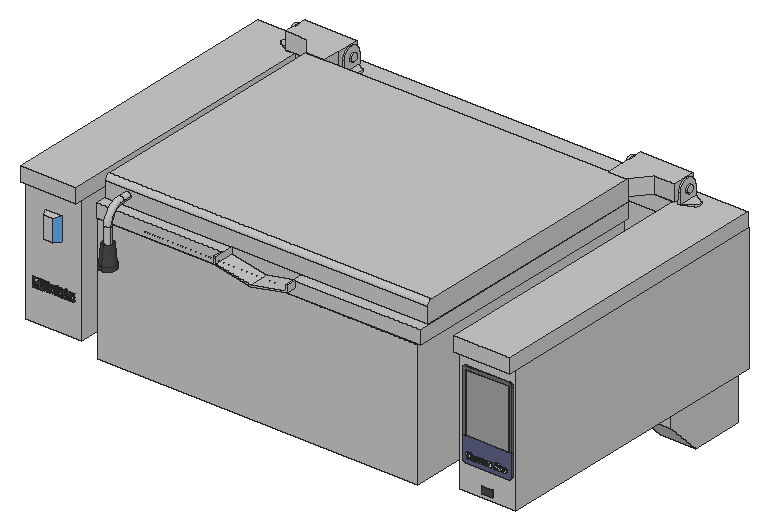
Revit family "QF_ELECTROLUXPROFESSIONAL_586285_PFET08EUEO", category Attrezzature speciali, Revit 2020
Family settings
  Quota connettore circolare = Usa diametro
  Tipo di parte = Normale
  Basato su piano di lavoro = No
  Sempre verticale = Sì
  Taglio con vuoti quando caricato = No
  Condiviso = No
  Punto di calcolo locali = No
Parameters (values of type "Standard")
  Weight = 240.00 kg
  Watts = 20600 W
  Volts = 400 V
  URL Manufacturer = "https://www.electroluxprofessional.com/"
  URL = "https://www.electroluxprofessional.com/"
  Steam Supply Size = 0 mm
  Steam Supply Minimum Pressure = 0.0 Pa
  Steam Supply Maximum Pressure = 0.0 Pa
  Steam Consumption per Hour = 0
  Refrigeration Suction Line Size = 0.0 mm
  Refrigeration Liquid Line Size = 0.0 mm
  Refrigerant Compressor Remote = yes
  Prospetto di default = 0.0 mm
  Produttore = "Electrolux Professional"
  Phase = 3
  Modello = "PFET08EUEO"
  Length Actual = 1400.0 mm  # constant formula
  Item Number = "586285"
  Hot Water Size = 12.7 mm
  Height Actual = 400.0 mm  # constant formula
  HP = "27.6 HP"
  Gas Size = 0 mm
  Gas KW = 0
  Gas Input Pressure = 0 W
  Direct Waste Size = 0 mm
  Descrizione = "ELECTRIC TILTING BRAISING PAN, 80L, COMPOUND, WALL,D850"
  Depth Actual = 850.0 mm  # constant formula
  Cycle = 50 Hz
  Condensate Return Size = 0 mm
  Compressed Air Volume = 0.0 L/s
  Compressed Air Size = 0 mm
  Compressed Air Pressure = 0.0 Pa
  Cold Water Size = 12.7 mm
  Accessory = yes
Reference planes
  plane 1 "Center (Front/Back)": y = 0
  plane 2: z = 0
  plane 3 "Center (Left/Right)": x = 0
  plane 4 "LEFT": x = -700
  plane 5 "RIGHT": x = 700
  plane 6 "BACK": y = 425
  plane 7 "FRONT": y = -425
  plane 8 "Base": z = 200
  plane 9 "TOP": z = 900
  plane 10: x = -540
  plane 11: x = 540
  plane 12 "Axe_PentolaY": y = -155
  plane 13 "AxePentolaZ": z = 730
  plane 14 "PLANE_TOP": z = 860
  plane 15: y = 355
  plane 16: z = 833
  plane 17: z = 502
  plane 18: z = 340
  plane 19: y = -477
  plane 20 "CentroPentolaY": y = -83
  plane 21 "TopCoperchio": z = 958
  plane 22 "Versamento": z = 910
  plane 23 "V1": through (-107.18, -558, 4000) normal (-0.7071, -0.7071, 0)
  plane 24 "V2": through (107.18, -558, 4000) normal (-0.7071, 0.7071, 0)
  plane 25 "Gfront": y = -1225
  plane 26 "LEVEL": through (-245.562, -289.383, 4000) normal (0.866, 0.5, 0)
  plane 27 "GRight": x = 250
  plane 28 "GLeft": x = -250
  plane 29 "Gback": y = -125
  plane 30: z = 1771
  plane 31 "Ribaltamento": y = -497
  plane 32 "AxeL": x = -620
  plane 33 "AxeR": x = 620
  plane 34 "Pentola_Back": y = 283
  plane 35 "Pentola_L": x = -457.5
  plane 36 "Pentola_R": x = 457.5
  plane 37: x = -397.5
  plane 38 "axeC1": x = -480
  plane 39 "axeC2": x = 480
Forms (mm)
  Revolve 1, solid, material "QF_Finishes_Stainless Steel"
    sketch origin (0, 0, 730) x (-1, 0, 0) y (0, -1, 0)
      loop
        line (540, 155) -> (-540, 155) -> (-540, 65) -> (-530, 65) -> (-530, 98) -> (530, 98) -> (530, 65) -> (540, 65) -> (540, 155)
      axis (540, 155) -> (-540, 155)
    angle from 0 to 360
  Extrusion 2, solid, material "QF_Finishes_Stainless Steel"
    sketch origin (0, 0, 860) x (-1, 0, 0) y (0, -1, 0)
      loop
        line (700, 425) -> (540, 425) -> (540, -355) -> (-540, -355) -> (-540, 425) -> (-700, 425) -> (-700, -425) -> (700, -425) -> (700, 425)
    from 0 to 40
  Extrusion 3, solid, material "QF_Finishes_Stainless Steel"
    sketch origin (0, 0, 860) x (-1, 0, 0) y (0, -1, 0)
      loop
        line (540, -355) -> (-540, -355) -> (-540, -425) -> (540, -425) -> (540, -355)
    from 0 to -360
  Extrusion 4, solid, material "QF_Finishes_Stainless Steel"
    sketch origin (-480, 0, 0) x (0, 1, 0) y (0, 0, 1)
      loop
        line (408.242, 900) -> (408.242, 931.379)
        arc (408.242, 931.379) -> (381.621, 958) -> (355, 931.379) r 26.621
        line (355, 931.379) -> (355, 900) -> (408.242, 900)
    from 75 to 82
  Extrusion 5, solid, material "QF_Finishes_Stainless Steel"
    sketch origin (-380, 0, 900) x (0, 1, 0) y (-1, 0, 0)
      loop
        line (359.36, 18) -> (370.936, -3.201)
        arc (370.936, -3.201) -> (381.621, -9.541) -> (392.305, -3.201) r 12.174
        line (392.305, -3.201) -> (403.882, 18) -> (359.36, 18)
      loop
        line (370.936, 211.185) -> (355, 182) -> (408.242, 182) -> (392.305, 211.185)
        arc (392.305, 211.185) -> (381.621, 217.525) -> (370.936, 211.185) r 12.174
    from 0 to 3
  Extrusion 6, solid, material "QF_Finishes_Stainless Steel"
    sketch origin (0, 0, 0) x (0, 1, 0) y (0, 0, 1)
      loop
        line (283, 860) -> (-451, 860) -> (-451, 502) -> (283, 502) -> (283, 860)
    from -457.5 to 457.5
  Extrusion 7, solid, material "QF_Finishes_Stainless Steel"
    sketch origin (0, 0, 0) x (0, 1, 0) y (0, 0, 1)
      loop
        line (289, 860) -> (289, 900) -> (-449.109, 900) -> (-449.109, 860) -> (289, 860)
    from -463.5 to 463.5
  Extrusion 8, void
    sketch origin (0, -425, 0) x (-1, 0, 0) y (0, 0, 1)
      loop
        line (-100, 900) -> (-100, 883.7) -> (0, 864.262) -> (100, 883.7) -> (100, 900) -> (-100, 900)
    from -29 to 5
  Extrusion 9, solid, material "QF_Finishes_Stainless Steel"
    sketch origin (0, 0, 0) x (0, 1, 0) y (0, 0, 1)
      loop
        line (294, 958) -> (-405, 958)
        arc (-405, 958) -> (-415.607, 953.607) -> (-420, 943) r 15
        line (-420, 943) -> (-420, 900) -> (294, 900) -> (294, 958)
    from -460 to 460
  Extrusion 10, solid, material "QF_Finishes_Stainless Steel"
    sketch origin (0, -425, 0) x (-1, 0, 0) y (0, 0, 1)
      loop
        line (105, 880) -> (105, 900) -> (100, 900) -> (100, 883.7) -> (0, 864.262) -> (-100, 883.7) -> (-100, 900) -> (-105, 900) -> (-105, 880) -> (0, 859.59) -> (105, 880)
    from -52 to -24.109
  Extrusion 11, solid, material "QF_Finishes_Stainless Steel"
    sketch origin (-480, 0, 0) x (0, 1, 0) y (0, 0, 1)
      loop
        line (408.242, 900) -> (408.242, 931.379)
        arc (408.242, 931.379) -> (381.621, 958) -> (355, 931.379) r 26.621
        line (355, 931.379) -> (355, 900) -> (408.242, 900)
    from -82 to -75
  Extrusion 12, solid, material "QF_Finishes_Stainless Steel"
    sketch origin (-480, 0, 0) x (0, 1, 0) y (0, 0, 1)
      loop
        circle (381.621, 931.379) r 10
    from 82 to 89
  Extrusion 13, solid, material "QF_Finishes_Stainless Steel"
    sketch origin (-480, 0, 0) x (0, 1, 0) y (0, 0, 1)
      loop
        circle (381.621, 931.379) r 10
    from -82 to -89
  Extrusion 14, solid, material "QF_Finishes_Stainless Steel"
    sketch origin (480, 0, 900) x (0, 1, 0) y (-1, 0, 0)
      loop
        arc (370.936, -111.185) -> (381.621, -117.525) -> (392.305, -111.185) r 12.174
        line (392.305, -111.185) -> (408.242, -82) -> (355, -82) -> (370.936, -111.185)
      loop
        line (370.936, 111.185) -> (355, 82) -> (408.242, 82) -> (392.305, 111.185)
        arc (392.305, 111.185) -> (381.621, 117.525) -> (370.936, 111.185) r 12.174
    from 0 to 3
  Extrusion 15, solid, material "QF_Finishes_Stainless Steel"
    sketch origin (480, 0, 0) x (0, 1, 0) y (0, 0, 1)
      loop
        circle (381.621, 931.379) r 10
    from 82 to 89
  Extrusion 16, solid, material "QF_Finishes_Stainless Steel"
    sketch origin (480, 0, 0) x (0, 1, 0) y (0, 0, 1)
      loop
        circle (381.621, 931.379) r 10
    from -82 to -89
  Extrusion 17, solid, material "QF_Finishes_Stainless Steel"
    sketch origin (480, 0, 0) x (0, 1, 0) y (0, 0, 1)
      loop
        line (408.242, 900) -> (408.242, 931.379)
        arc (408.242, 931.379) -> (381.621, 958) -> (355, 931.379) r 26.621
        line (355, 931.379) -> (355, 900) -> (408.242, 900)
    from 75 to 82
  Extrusion 18, solid, material "QF_Finishes_Stainless Steel"
    sketch origin (480, 0, 0) x (0, 1, 0) y (0, 0, 1)
      loop
        line (408.242, 900) -> (408.242, 931.379)
        arc (408.242, 931.379) -> (381.621, 958) -> (355, 931.379) r 26.621
        line (355, 931.379) -> (355, 900) -> (408.242, 900)
    from -82 to -75
  Extrusion 19, solid, material "QF_Finishes_Stainless Steel"
    sketch origin (0, 0, 900) x (0, 1, 0) y (-1, 0, 0)
      loop
        line (343.242, 407.5) -> (343.242, 405) -> (408.242, 405) -> (408.242, 555) -> (343.242, 555) -> (343.242, 495.485) -> (294, 455.609) -> (294, 407.5) -> (343.242, 407.5)
      loop
        line (343.242, -407.5) -> (294, -407.5) -> (294, -455.609) -> (343.242, -495.485) -> (343.242, -555) -> (408.242, -555) -> (408.242, -406.156) -> (343.242, -406.156) -> (343.242, -407.5)
    from 10 to 58
  Extrusion 20, solid, material "QF_Door-Drawer Clearances", detail levels coarse
    sketch origin (0, 43.989, -0.088) x (0, 1, 0) y (0, 0, 1)
      loop
        arc (-517.39, 847.898) -> (-540.008, 706.381) -> (-494.989, 570.322) r 302.677
        line (-494.989, 570.322) -> (-494.989, 847.898) -> (-517.39, 847.898)
      loop
        line (350.826, 958.088) -> (153.195, 1706.877) -> (134.411, 1701.919) -> (125.983, 1733.848)
        arc (125.983, 1733.848) -> (108.151, 1760.699) -> (77.639, 1771.088) r 50
        arc (77.639, 1771.088) -> (-376.825, 1436.433) -> (-540.989, 896.45) r 895.821
        arc (-540.989, 896.45) -> (-523.758, 923.956) -> (-493.989, 936.891) r 54.807
        line (-493.989, 936.891) -> (-463.989, 936.891) -> (-463.989, 943.088)
        arc (-463.989, 943.088) -> (-459.596, 953.695) -> (-448.989, 958.088) r 15
        line (-448.989, 958.088) -> (350.826, 958.088)
    from 105 to -105
Cuts and joins
  Extrusion 8 cuts Extrusion 7
  joined: Extrusion 7, Extrusion 10
Lines and regions (mm)
  symbolic lines
    curve 1: line (700, 425, 900) -> (-700, 425, 900)
    curve 2: line (700, -425, 900) -> (700, 425, 900)
    curve 3: line (-700, 425, 900) -> (-700, -425, 900)
    curve 4: line (-700, -425, 900) -> (-540, -425, 900)
    curve 5: line (-540, -425, 900) -> (-540, 343.242, 900)
    curve 6: line (540, -425, 900) -> (700, -425, 900)
    curve 7: line (530, -65, 900) -> (530, -245, 900)
    curve 8: line (-530, -65, 900) -> (-530, -245, 900)
    curve 9: line (-530, -65, 900) -> (-540, -65, 900)
    curve 10: line (-530, -245, 900) -> (-540, -245, 900)
    curve 11: line (530, -65, 900) -> (540, -65, 900)
    curve 12: line (530, -245, 900) -> (540, -245, 900)
    curve 18: line (562, 355, 900) -> (555, 355, 900)
    curve 19: line (-530, -97.761, 900) -> (-462.169, -97.761, 900)
    curve 20: line (-530, -211.868, 900) -> (-457.5, -211.868, 900)
    curve 21: line (530, -97.761, 900) -> (463.5, -97.761, 900)
    curve 22: line (530, -211.868, 900) -> (463.5, -211.868, 900)
    curve 49: line (-495.485, 343.242, 900) -> (-455.609, 294, 900)
    curve 50: line (-397.5, 283, 900) -> (-397.5, 294, 900)
    curve 51: line (-555, 408.242, 900) -> (-555, 343.242, 900)
    curve 52: line (-398, 408.242, 900) -> (-562, 408.242, 900)
    curve 53: line (-569, 391.621, 900) -> (-569, 371.621, 900)
    curve 54: line (-591.185, 370.936, 900) -> (-562, 355, 900)
    curve 55: arc (-591.185, 392.305, 900) -> (-597.525, 381.621, 900) -> (-591.185, 370.936, 900) r 12.174
    curve 56: line (-562, 408.242, 900) -> (-591.185, 392.305, 900)
    curve 57: line (-562, 408.242, 900) -> (-562, 355, 900)
    curve 58: arc (591.185, 370.936, 900) -> (597.525, 381.621, 900) -> (591.185, 392.305, 900) r 12.174
    curve 59: line (562, 355, 900) -> (591.185, 370.936, 900)
    curve 60: line (591.185, 392.305, 900) -> (562, 408.242, 900)
    curve 61: line (562, 355, 900) -> (562, 408.242, 900)
    curve 62: line (569, 371.621, 900) -> (569, 391.621, 900)
    curve 63: line (405, 408.242, 900) -> (405, 343.242, 900)
    curve 64: line (368.815, 370.936, 900) -> (398, 355, 900)
    curve 65: line (398, 408.242, 900) -> (368.815, 392.305, 900)
    curve 66: arc (368.815, 392.305, 900) -> (362.475, 381.621, 900) -> (368.815, 370.936, 900) r 12.174
    curve 67: line (391, 391.621, 900) -> (391, 371.621, 900)
    curve 68: line (398, 408.242, 900) -> (398, 355, 900)
    curve 69: line (-407.5, 294, 900) -> (-407.5, 343.242, 900)
    curve 70: line (463.5, 289, 900) -> (457.504, 289, 900)
    curve 71: line (-569, 391.621, 900) -> (-562, 391.621, 900)
    curve 72: line (-569, 371.621, 900) -> (-562, 371.621, 900)
    curve 73: line (-391, 391.621, 900) -> (-398, 391.621, 900)
    curve 74: line (-391, 371.621, 900) -> (-398, 371.621, 900)
    curve 75: line (391, 371.621, 900) -> (398, 371.621, 900)
    curve 76: line (391, 391.621, 900) -> (398, 391.621, 900)
    curve 77: line (569, 391.621, 900) -> (562, 391.621, 900)
    curve 78: line (569, 371.621, 900) -> (562, 371.621, 900)
    curve 79: line (398, 408.242, 900) -> (562, 408.242, 900)
    curve 80: line (405, 355, 900) -> (-398, 355, 900)
    curve 81: line (555, 343.242, 900) -> (555, 408.242, 900)
    curve 82: line (540, 343.242, 900) -> (540, -425, 900)
    curve 83: line (-562, 355, 900) -> (-555, 355, 900)
    curve 84: line (-391, 391.621, 900) -> (-391, 371.621, 900)
    curve 85: line (-392, 362.636, 900) -> (-376.799, 370.936, 900)
    curve 86: arc (-376.799, 370.936, 900) -> (-370.459, 381.621, 900) -> (-376.799, 392.305, 900) r 12.174
    curve 87: line (412.5, 283, 900) -> (412.5, 343.242, 900)
    curve 88: line (-495.485, 343.242, 900) -> (-555, 343.242, 900)
    curve 89: line (-407.5, 343.242, 900) -> (-405, 343.242, 900)
    curve 90: line (-405, 343.242, 900) -> (-405, 408.242, 900)
    curve 91: line (-376.799, 392.305, 900) -> (-398, 403.882, 900)
    curve 92: line (-398, 408.242, 900) -> (-398, 355, 900)
    curve 93: line (412.5, 294, 900) -> (-407.5, 294, 900)
    curve 94: line (555, 343.242, 900) -> (495.485, 343.242, 900)
    curve 95: line (495.485, 343.242, 900) -> (443.5, 269, 900)
    curve 96: line (405, 343.242, 900) -> (412.5, 343.242, 900)
    curve 97: line (-451.5, -420, 900) -> (443.5, -420, 900)
    curve 98: line (463.5, -460, 900) -> (105, -460, 900)
    curve 99: line (-105, -460, 900) -> (-457.5, -460, 900)
    curve 100: line (-405, 355, 900) -> (-398, 355, 900)
  symbolic lines, style "SpecialityEquipmentHiddenLines"
    curve 13: line (-250, -1225, 900) -> (250, -1225, 900)
    curve 14: line (-250, -125, 900) -> (-250, -1225, 900)
    curve 15: line (250, -125, 900) -> (-250, -125, 900)
    curve 16: line (250, -1225, 900) -> (250, -125, 900)
    curve 39: line (0, -1090.484, 900) -> (0, -1060.484, 900)
    curve 40: line (-15, -1075.484, 900) -> (15, -1075.484, 900)
  symbolic lines, style "SpecialityEquipment"
    curve 17: circle (0, -1075.484, 900) r 15 normal (0, 0, 1)
    curve 23: line (210, -1225, 900) -> (210, -1025, 900)
    curve 24: line (170, -1225, 900) -> (170, -1065, 900)
    curve 25: line (130, -1225, 900) -> (130, -1105, 900)
    curve 26: line (90, -1225, 900) -> (90, -1145, 900)
    curve 27: line (90, -1185, 900) -> (250, -1185, 900)
    curve 28: line (130, -1145, 900) -> (250, -1145, 900)
    curve 29: line (170, -1105, 900) -> (250, -1105, 900)
    curve 30: line (210, -1065, 900) -> (250, -1065, 900)
    curve 31: line (-210, -1225, 900) -> (-210, -1025, 900)
    curve 32: line (-170, -1225, 900) -> (-170, -1065, 900)
    curve 33: line (-130, -1225, 900) -> (-130, -1105, 900)
    curve 34: line (-90, -1225, 900) -> (-90, -1145, 900)
    curve 35: line (-90, -1185, 900) -> (-250, -1185, 900)
    curve 36: line (-130, -1145, 900) -> (-250, -1145, 900)
    curve 37: line (-170, -1105, 900) -> (-250, -1105, 900)
    curve 38: line (-210, -1065, 900) -> (-250, -1065, 900)
    curve 41: line (-451.5, 283, 900) -> (-451.5, -420, 900)
    curve 42: line (443.5, -420, 900) -> (443.5, 269, 900)
    curve 43: line (443.5, 283, 900) -> (-451.5, 283, 900)
    curve 44: line (-457.5, 289, 900) -> (-457.5, -460, 900)
    curve 45: line (463.5, -460, 900) -> (463.5, 289, 900)
    curve 46: line (-105, -477, 900) -> (105, -477, 900)
    curve 47: line (105, -477, 900) -> (105, -420, 900)
    curve 48: line (-105, -420, 900) -> (-105, -477, 900)
Dimensions and locks
  plane 4 "LEFT" to plane 5 "RIGHT" = 1400.0 mm
  equal spacing: plane 4 "LEFT", plane 3 "Center (Left/Right)", plane 5 "RIGHT"
  equal spacing: plane 6 "BACK", plane 1 "Center (Front/Back)", plane 7 "FRONT"
  plane 6 "BACK" to plane 7 "FRONT" = 850.0 mm
  plane 8 "Base" to level = 200.0 mm
  plane 9 "TOP" to level = 900.0 mm
  plane 9 "TOP" to plane 8 "Base" = 700.0 mm
  locked: plane 4 "LEFT" to plane 10 at 160
  locked: plane 11 to plane 5 "RIGHT" at 160
  locked: plane 6 "BACK" to plane 12 "Axe_PentolaY" at 580
  locked: plane 13 "AxePentolaZ" to plane 8 "Base" at 530
  locked: Revolve 1 sketch curve to Revolve 1 sketch curve at 57
  locked: Revolve 1 sketch curve to Revolve 1 sketch curve at 90
  locked: plane 10 to Revolve 1 sketch curve at 10
  locked: Revolve 1 sketch curve to plane 11 at 10
  locked: plane 9 "TOP" to plane 14 "PLANE_TOP" at 40
  plane 6 "BACK" to plane 15 = 70.0 mm
  locked: plane 16 to plane 13 "AxePentolaZ" at 103
  locked: plane 13 "AxePentolaZ" to plane 17 at 228
  locked: plane 17 to plane 18 at 162
  plane 6 "BACK" to plane 19 = 902.0 mm
  locked: plane 6 "BACK" to plane 20 "CentroPentolaY" at 508
  locked: plane 21 "TopCoperchio" to plane 9 "TOP" at 58
  locked: plane 22 "Versamento" to level at 910
  plane 6 "BACK" to plane 25 "Gfront" = 1650.0 mm
  locked: plane 28 "GLeft" to plane 3 "Center (Left/Right)" at 250
  locked: plane 3 "Center (Left/Right)" to plane 27 "GRight" at 250
  plane 6 "BACK" to plane 29 "Gback" = 550.0 mm
  plane 30 to plane 9 "TOP" = 871.0 mm
  plane 6 "BACK" to plane 31 "Ribaltamento" = 922.0 mm
  equal spacing: plane 10, plane 32 "AxeL", plane 4 "LEFT"
  equal spacing: plane 5 "RIGHT", plane 33 "AxeR", plane 11
  locked: plane 36 "Pentola_R" to plane 35 "Pentola_L" at 915
  equal spacing: plane 36 "Pentola_R", plane 3 "Center (Left/Right)", plane 35 "Pentola_L"
  locked: Extrusion 7 sketch curve to plane 34 "Pentola_Back" at 6
  plane 34 "Pentola_Back" to plane 12 "Axe_PentolaY" = 438.0 mm
  locked: plane 37 to plane 35 "Pentola_L" at 60
  plane 4 "LEFT" to plane 38 "axeC1" = 220.0 mm
  plane 39 "axeC2" to plane 5 "RIGHT" = 220.0 mm
  locked: cut or joined group of Extrusion 7, Extrusion 8, Extrusion 10 to plane 36 "Pentola_R" at 6
  locked: plane 35 "Pentola_L" to cut or joined group of Extrusion 7, Extrusion 8, Extrusion 10 at 6
  plane 35 "Pentola_L" to Extrusion 9 = 2.5 mm
  Extrusion 9 to plane 36 "Pentola_R" = 2.5 mm
  aligned and locked: level to plane 2
  aligned and locked: plane 5 "RIGHT" to nested 2
  aligned and locked: plane 4 "LEFT" to nested 1
  aligned and locked: plane 6 "BACK" to nested 2
  aligned and locked: plane 10 to Revolve 1 sketch curve
  aligned and locked: plane 11 to Revolve 1 sketch curve
  aligned and locked: plane 4 "LEFT" to Extrusion 2 sketch curve
  aligned and locked: Extrusion 2 sketch curve to plane 10
  aligned and locked: plane 7 "FRONT" to Extrusion 2 sketch curve  (x2)
  aligned and locked: Extrusion 2 sketch curve to plane 5 "RIGHT"
  aligned and locked: plane 11 to Extrusion 2 sketch curve
  aligned and locked: Extrusion 2 sketch curve to plane 6 "BACK"
  aligned and locked: plane 15 to Extrusion 2 sketch curve
  aligned and locked: Extrusion 3 sketch curve to plane 10
  aligned and locked: plane 6 "BACK" to Extrusion 3 sketch curve
  aligned and locked: plane 11 to Extrusion 3 sketch curve
  aligned and locked: Extrusion 3 sketch curve to plane 15
  aligned and locked: curve 13 to plane 25 "Gfront"
  aligned and locked: curve 14 to plane 28 "GLeft"
  aligned and locked: plane 27 "GRight" to curve 16
  aligned and locked: plane 29 "Gback" to curve 15
  aligned and locked: plane 17 to Extrusion 6 sketch curve
  aligned and locked: plane 9 "TOP" to Extrusion 7 sketch curve
  aligned and locked: Extrusion 6 to plane 35 "Pentola_L"
  aligned and locked: plane 36 "Pentola_R" to Extrusion 6
  aligned and locked: plane 37 to nested 3
Automatic sketch dimensions
  plane 12 "Axe_PentolaY" to Revolve 1 sketch curve = 0.0 mm
  Revolve 1 sketch curve to plane 12 "Axe_PentolaY" = 0.0 mm
  plane 20 "CentroPentolaY" to Revolve 1 sketch curve = 18.0 mm
  plane 5 "RIGHT" to Revolve 1 sketch curve = 432.098 mm
  Revolve 1 sketch curve to plane 4 "LEFT" = 580.148 mm
  Extrusion 4 sketch curve to plane 9 "TOP" = 0.0 mm
  Extrusion 4 sketch curve to plane 15 = 0.0 mm
  plane 15 to Extrusion 4 sketch curve = 26.621 mm
  plane 22 "Versamento" to Extrusion 4 sketch curve = 21.379 mm
  plane 16 to Extrusion 6 sketch curve = 27.0 mm
  Extrusion 6 sketch curve to plane 34 "Pentola_Back" = 0.0 mm
  Extrusion 6 sketch curve to plane 7 "FRONT" = 26.0 mm
  Extrusion 7 sketch curve to plane 7 "FRONT" = 24.109 mm
  Extrusion 9 sketch curve to plane 9 "TOP" = 0.0 mm
  plane 7 "FRONT" to Extrusion 9 sketch curve = 5.0 mm
  Extrusion 9 sketch curve to Extrusion 9 sketch curve = 15.0 mm
  plane 34 "Pentola_Back" to Extrusion 9 sketch curve = 11.0 mm
  Extrusion 11 sketch curve to plane 9 "TOP" = 0.0 mm
  Extrusion 11 sketch curve to plane 15 = 0.0 mm
  plane 15 to Extrusion 11 sketch curve = 26.621 mm
  plane 22 "Versamento" to Extrusion 11 sketch curve = 21.379 mm
  plane 15 to Extrusion 12 sketch curve = 26.621 mm
  plane 22 "Versamento" to Extrusion 12 sketch curve = 21.379 mm
  plane 15 to Extrusion 13 sketch curve = 26.621 mm
  plane 22 "Versamento" to Extrusion 13 sketch curve = 21.379 mm
  Extrusion 14 sketch curve to plane 15 = 0.0 mm  (x2)
  plane 15 to Extrusion 14 sketch curve = 15.936 mm  (x2)
  Extrusion 14 sketch curve to Extrusion 14 sketch curve = 10.684 mm  (x4)
  plane 27 "GRight" to Extrusion 14 sketch curve = 118.815 mm
  Extrusion 14 sketch curve to plane 6 "BACK" = 16.758 mm  (x2)
  Extrusion 14 sketch curve to Extrusion 14 sketch curve = 5.834 mm  (x2)
  Extrusion 14 sketch curve to Extrusion 14 sketch curve = 29.185 mm
  plane 11 to Extrusion 14 sketch curve = 22.0 mm
  Extrusion 14 sketch curve to plane 33 "AxeR" = 34.649 mm
  plane 15 to Extrusion 15 sketch curve = 26.621 mm
  plane 22 "Versamento" to Extrusion 15 sketch curve = 21.379 mm
  plane 15 to Extrusion 16 sketch curve = 26.621 mm
  plane 22 "Versamento" to Extrusion 16 sketch curve = 21.379 mm
  Extrusion 17 sketch curve to plane 9 "TOP" = 0.0 mm
  Extrusion 17 sketch curve to plane 15 = 0.0 mm
  Extrusion 17 sketch curve to Extrusion 17 sketch curve = 26.621 mm
  plane 22 "Versamento" to Extrusion 17 sketch curve = 21.379 mm
  Extrusion 18 sketch curve to plane 9 "TOP" = 0.0 mm
  Extrusion 18 sketch curve to plane 15 = 0.0 mm
  Extrusion 18 sketch curve to Extrusion 18 sketch curve = 26.621 mm
  plane 22 "Versamento" to Extrusion 18 sketch curve = 21.379 mm
  Extrusion 9 sketch curve to plane 21 "TopCoperchio" = 0.0 mm
  plane 16 to Extrusion 7 sketch curve = 27.0 mm
  plane 15 to Extrusion 5 sketch curve = 4.36 mm
  Extrusion 5 sketch curve to plane 15 = 0.0 mm
  plane 15 to Extrusion 5 sketch curve = 15.936 mm  (x2)
  Extrusion 5 sketch curve to Extrusion 5 sketch curve = 10.684 mm  (x4)
  Extrusion 5 sketch curve to plane 6 "BACK" = 16.758 mm
  plane 37 to Extrusion 5 sketch curve = 20.701 mm
  Extrusion 5 sketch curve to Extrusion 5 sketch curve = 5.834 mm  (x2)
  Extrusion 5 sketch curve to plane 10 = 22.0 mm
  plane 32 "AxeL" to Extrusion 5 sketch curve = 34.649 mm
  Extrusion 5 sketch curve to plane 6 "BACK" = 21.118 mm
  Extrusion 5 sketch curve to plane 37 = 0.5 mm
  Extrusion 19 sketch curve to plane 36 "Pentola_R" = 1.891 mm
  plane 34 "Pentola_Back" to Extrusion 19 sketch curve = 11.0 mm  (x2)
  Extrusion 19 sketch curve to plane 37 = 7.5 mm
  Extrusion 19 sketch curve to plane 15 = 11.758 mm  (x4)
  Extrusion 19 sketch curve to plane 6 "BACK" = 16.758 mm  (x2)
  plane 39 "axeC2" to Extrusion 19 sketch curve = 15.485 mm
  plane 11 to Extrusion 19 sketch curve = 15.0 mm
  Extrusion 19 sketch curve to Extrusion 19 sketch curve = 48.109 mm
  Extrusion 19 sketch curve to Extrusion 19 sketch curve = 1.344 mm
  Extrusion 19 sketch curve to plane 37 = 10.0 mm
  plane 35 "Pentola_L" to Extrusion 19 sketch curve = 1.891 mm
  Extrusion 19 sketch curve to plane 38 "axeC1" = 15.485 mm
  Extrusion 19 sketch curve to plane 10 = 15.0 mm
  curve 39 to plane 3 "Center (Left/Right)" = 0.0 mm
  curve 17 to plane 3 "Center (Left/Right)" = 0.0 mm
  curve 47 to plane 19 = 0.0 mm
  curve 44 to plane 35 "Pentola_L" = 0.0 mm
  curve 2 to plane 5 "RIGHT" = 0.0 mm
  curve 2 to plane 7 "FRONT" = 0.0 mm
  curve 5 to plane 7 "FRONT" = 0.0 mm
  curve 12 to plane 11 = 0.0 mm
  curve 10 to plane 10 = 0.0 mm
  curve 41 to plane 34 "Pentola_Back" = 0.0 mm
  curve 50 to plane 37 = 0.0 mm
  curve 59 to plane 15 = 0.0 mm
  curve 83 to plane 15 = 0.0 mm
  curve 92 to plane 15 = 0.0 mm
  curve 2 to plane 6 "BACK" = 0.0 mm
  curve 1 to plane 4 "LEFT" = 0.0 mm
  plane 25 "Gfront" to curve 17 = 149.516 mm
  plane 19 to curve 44 = 17.0 mm
  plane 36 "Pentola_R" to curve 98 = 6.0 mm
  plane 19 to curve 98 = 17.0 mm
  plane 7 "FRONT" to curve 97 = 5.0 mm
  curve 12 to plane 11 = 10.0 mm
  curve 12 to plane 12 "Axe_PentolaY" = 90.0 mm
  plane 10 to curve 8 = 10.0 mm
  curve 8 to plane 12 "Axe_PentolaY" = 90.0 mm
  plane 20 "CentroPentolaY" to curve 7 = 18.0 mm
  plane 20 "CentroPentolaY" to curve 9 = 18.0 mm
  curve 42 to plane 34 "Pentola_Back" = 14.0 mm
  plane 34 "Pentola_Back" to curve 70 = 6.0 mm
  curve 96 to plane 15 = 11.758 mm
  curve 95 to plane 15 = 11.758 mm
  curve 51 to plane 15 = 11.758 mm
  curve 90 to plane 15 = 11.758 mm
  plane 15 to curve 85 = 15.936 mm
  plane 15 to curve 64 = 15.936 mm
  plane 15 to curve 59 = 15.936 mm
  plane 15 to curve 54 = 15.936 mm
  plane 37 to curve 74 = 6.5 mm
  curve 85 to curve 74 = 0.684 mm
  plane 15 to curve 75 = 16.621 mm
  plane 15 to curve 72 = 16.621 mm
  plane 15 to curve 62 = 16.621 mm
  curve 54 to curve 55 = 10.684 mm
  curve 64 to curve 66 = 10.684 mm
  curve 58 to curve 58 = 10.684 mm
  curve 85 to curve 86 = 10.684 mm
  curve 58 to curve 77 = 10.0 mm
  curve 66 to curve 76 = 10.0 mm
  curve 86 to curve 73 = 10.0 mm
  curve 55 to curve 71 = 10.0 mm
  curve 66 to curve 65 = 10.684 mm
  curve 58 to curve 60 = 10.684 mm
  curve 55 to curve 56 = 10.684 mm
  plane 37 to curve 91 = 20.701 mm
  curve 86 to curve 91 = 10.684 mm
  curve 76 to curve 65 = 16.621 mm
  curve 71 to curve 57 = 16.621 mm
  curve 59 to plane 33 "AxeR" = 28.815 mm
  curve 59 to curve 58 = 5.834 mm
  curve 58 to curve 77 = 16.351 mm
  curve 62 to curve 18 = 7.0 mm
  curve 18 to curve 94 = 7.0 mm
  plane 39 "axeC2" to curve 95 = 15.485 mm
  curve 95 to plane 36 "Pentola_R" = 14.0 mm
  curve 96 to plane 36 "Pentola_R" = 45.0 mm
  curve 87 to curve 96 = 7.5 mm
  curve 63 to curve 65 = 7.0 mm
  curve 75 to curve 75 = 7.0 mm
  curve 67 to curve 66 = 16.351 mm
  curve 66 to curve 65 = 5.834 mm
  plane 3 "Center (Left/Right)" to curve 47 = 105.0 mm
  curve 46 to plane 3 "Center (Left/Right)" = 105.0 mm
  curve 91 to curve 86 = 5.834 mm
  curve 92 to plane 37 = 0.5 mm
  curve 89 to plane 37 = 7.5 mm
  curve 89 to curve 69 = 2.5 mm
  plane 35 "Pentola_L" to curve 97 = 6.0 mm
  curve 88 to plane 38 "axeC1" = 15.485 mm
  curve 88 to plane 10 = 15.0 mm
  curve 51 to curve 57 = 7.0 mm
  curve 72 to curve 72 = 7.0 mm
  curve 53 to curve 55 = 16.351 mm
  curve 55 to curve 56 = 5.834 mm
  curve 26 to curve 27 = 40.0 mm
  curve 13 to curve 35 = 40.0 mm
  curve 27 to curve 28 = 40.0 mm
  curve 35 to curve 36 = 40.0 mm
  curve 36 to curve 34 = 0.0 mm
  curve 26 to curve 28 = 0.0 mm
  curve 28 to curve 25 = 40.0 mm
  curve 36 to curve 37 = 40.0 mm
  curve 25 to curve 29 = 0.0 mm
  curve 37 to curve 33 = 0.0 mm
  curve 39 to curve 17 = 15.0 mm
  curve 40 to curve 17 = 0.0 mm
  curve 37 to curve 32 = 40.0 mm
  curve 37 to curve 38 = 40.0 mm
  curve 29 to curve 30 = 40.0 mm
  curve 29 to curve 24 = 40.0 mm
  curve 30 to curve 23 = 40.0 mm
  curve 38 to curve 31 = 40.0 mm
  curve 7 to curve 22 = 33.132 mm
  curve 20 to plane 12 "Axe_PentolaY" = 56.868 mm
  curve 21 to plane 20 "CentroPentolaY" = 14.761 mm
  curve 19 to plane 20 "CentroPentolaY" = 14.761 mm
  plane 34 "Pentola_Back" to curve 44 = 6.0 mm
  curve 87 to curve 93 = 11.0 mm
  plane 35 "Pentola_L" to curve 49 = 1.891 mm
  curve 44 to curve 49 = 5.0 mm
  plane 15 to curve 85 = 7.636 mm
  curve 91 to curve 52 = 4.36 mm
  curve 43 to curve 42 = 0.0 mm
  curve 64 to curve 68 = 0.0 mm
  curve 23 to plane 27 "GRight" = 40.0 mm
  curve 23 to curve 24 = 40.0 mm
  curve 24 to curve 25 = 40.0 mm
  curve 28 to curve 26 = 40.0 mm
  curve 35 to plane 3 "Center (Left/Right)" = 90.0 mm
  curve 34 to curve 36 = 40.0 mm
  curve 33 to curve 32 = 40.0 mm
  plane 28 "GLeft" to curve 31 = 40.0 mm
  plane 37 to curve 85 = 5.5 mm
  curve 19 to plane 35 "Pentola_L" = 4.669 mm
  Extrusion 20 sketch curve to plane 31 "Ribaltamento" = 0.0 mm
  Extrusion 20 sketch curve to plane 21 "TopCoperchio" = 0.0 mm
  Extrusion 20 sketch curve to plane 30 = 0.0 mm
  plane 19 to Extrusion 20 sketch curve = 3.599 mm
  Extrusion 20 sketch curve to plane 14 "PLANE_TOP" = 12.19 mm
  Extrusion 20 sketch curve to Extrusion 20 sketch curve = 22.401 mm
  Extrusion 20 sketch curve to plane 7 "FRONT" = 25.0 mm
  Extrusion 20 sketch curve to plane 7 "FRONT" = 19.022 mm
  plane 7 "FRONT" to Extrusion 20 sketch curve = 5.0 mm
  Extrusion 20 sketch curve to plane 21 "TopCoperchio" = 15.0 mm
  plane 13 "AxePentolaZ" to Extrusion 20 sketch curve = 0.64 mm
  Extrusion 20 sketch curve to plane 12 "Axe_PentolaY" = 39.323 mm
  Extrusion 20 sketch curve to plane 30 = 50.0 mm
  Extrusion 20 sketch curve to plane 30 = 37.24 mm
  Extrusion 20 sketch curve to plane 30 = 69.169 mm
  Extrusion 20 sketch curve to Extrusion 20 sketch curve = 8.427 mm
  Extrusion 20 sketch curve to plane 30 = 64.211 mm
  plane 22 "Versamento" to Extrusion 20 sketch curve = 9.05 mm
  Extrusion 20 sketch curve to Extrusion 20 sketch curve = 3.718 mm
  Extrusion 20 sketch curve to plane 9 "TOP" = 17.677 mm
  Extrusion 20 sketch curve to Extrusion 20 sketch curve = 6.197 mm
  Extrusion 8 sketch curve to plane 9 "TOP" = 0.0 mm
  Extrusion 8 sketch curve to plane 3 "Center (Left/Right)" = 0.0 mm
  plane 3 "Center (Left/Right)" to Extrusion 8 sketch curve = 100.0 mm
  Extrusion 8 sketch curve to plane 9 "TOP" = 16.3 mm  (x2)
  Extrusion 8 sketch curve to plane 3 "Center (Left/Right)" = 100.0 mm
  plane 14 "PLANE_TOP" to Extrusion 8 sketch curve = 4.262 mm
  Extrusion 10 sketch curve to plane 9 "TOP" = 0.0 mm  (x2)
  Extrusion 10 sketch curve to plane 3 "Center (Left/Right)" = 0.0 mm  (x2)
  plane 3 "Center (Left/Right)" to Extrusion 10 sketch curve = 100.0 mm
  Extrusion 10 sketch curve to Extrusion 10 sketch curve = 5.0 mm  (x2)
  Extrusion 10 sketch curve to plane 9 "TOP" = 16.3 mm
  Extrusion 10 sketch curve to plane 3 "Center (Left/Right)" = 100.0 mm
  Extrusion 10 sketch curve to plane 9 "TOP" = 20.0 mm  (x2)
  plane 14 "PLANE_TOP" to Extrusion 10 sketch curve = 4.262 mm
  Extrusion 10 sketch curve to Extrusion 10 sketch curve = 3.7 mm
  Extrusion 10 sketch curve to plane 14 "PLANE_TOP" = 0.41 mm
  radius of Extrusion 12 sketch curve = 10.0 mm
  radius of Extrusion 13 sketch curve = 10.0 mm
  radius of Extrusion 15 sketch curve = 10.0 mm
  radius of Extrusion 16 sketch curve = 10.0 mm
Nested families
  nested 1: "QF_ELECTROLUXPROFESSIONAL_PBOT850H400_LEFT" at (-620, 0, 0), type "QF_ELECTROLUXPROFESSIONAL_PBOT850H400_LEFT"
    with Body Finish QF_Finishes_Stainless Steel
  nested 2: "QF_ELECTROLUXPROFESSIONAL_PBOT850H400_RIGHT" at (620, 0, 0), type "QF_ELECTROLUXPROFESSIONAL_PBOT850H400_RIGHT"
    with Body Finish QF_Finishes_Stainless Steel
  nested 3: "QF_ELECTROLUXPROFESSIONAL_PFET900_LEVEL2" at (-397.5, -420, 927.803), type "QF_ELECTROLUXPROFESSIONAL_PFET900_LEVEL2"
Connectors
  piping at (-650, 428, 395), diameter 12.7, driven by "Hot Water Size"
    settings: on nested 1, index 1, connector inside diameter 609.6 mm, connector length 0.0 mm, flow factor 0, pipe flow 0.0 L/s, pressure drop 0.0 Pa, fitting loss kfactor 0, connector angle 0.00°, fixture units 0, engagement length 0.0 mm, angle of deflection 0.00°, flow configuration 1, flow direction 1, fitting loss method 0, system type 19, joint type 0, gender type 0, connector reference index -1, connector utility 0, adjustable connector no, is connector primary yes, connector description "Hot Water Inlet"
  piping at (-590, 428, 395), diameter 12.7, driven by "Cold Water Size"
    settings: on nested 1, index 2, connector inside diameter 609.6 mm, connector length 0.0 mm, flow factor 0, pipe flow 0.0 L/s, pressure drop 0.0 Pa, fitting loss kfactor 0, connector angle 0.00°, fixture units 0, engagement length 0.0 mm, angle of deflection 0.00°, flow configuration 1, flow direction 1, fitting loss method 0, system type 20, joint type 0, gender type 0, connector reference index -1, connector utility 0, adjustable connector no, is connector primary no, connector description "Cold Water Inlet"
  electrical at (620, 425, 450), driven by "Volts"
    settings: on nested 2, index 3, voltage 400 V, apparent load 0 VA, apparent load phase1 0 VA, apparent load phase2 0 VA, apparent load phase3 0 VA, power factor 1, load classification "Other", number of poles 1, system type 30, power factor state 1, is connector primary yes, connector utility no, sub classification motor no, connector description "Electrical Connection"
Definition of nested family "QF_ELECTROLUXPROFESSIONAL_PBOT850H400_LEFT"
  Parameters
    Width = 160.0 mm
    Right = Width / 2  # 80.0 mm
    Default Elevation = 0.0 mm
    Left = -Width / 2  # -80.0 mm
    Htop = 40.0 mm
    Height = 900.0 mm
    HW_CW_y = 312.0 mm
    HW_CW_Border = 50.0 mm
    HBase = 200.0 mm
    Depth = 850.0 mm
    BorderFront = 20.0 mm
    Body Finish [instance] = none
  Reference planes
    plane 1 "Center (Front/Back)": y = 0
    plane 2: z = 0
    plane 3 "Center (Left/Right)": x = 0
    plane 4 "LEFT": x = -80
    plane 5 "RIGHT": x = 80
    plane 6 "BACK": y = 425
    plane 7 "FRONT": y = -425
    plane 8 "TOP": z = 900
    plane 9 "BorderFront": y = -405
    plane 10: z = 860
    plane 11: x = -30
    plane 12: x = 30
    plane 13: z = 500
    plane 14 "Base": z = 350
    plane 15: y = 185
    plane 16: x = 20
    plane 17: z = 800
    plane 18: z = 525
  Forms (mm)
    Extrusion 1, solid
      sketch origin (0, 0, 0) x (1, 0, 0) y (0, 1, 0)
        loop
          line (-80, 425) -> (-80, -405) -> (80, -405) -> (80, 425) -> (-80, 425)
      from 860 to 500
    Extrusion 2, solid, material <- "Body Finish"
      sketch origin (0, 425, 0) x (-1, 0, 0) y (0, 0, 1)
        loop
          circle (30, 395) r 6.35
        loop
          circle (-30, 395) r 6.35
      from 3 to 0
    Blend 3, solid, material <- "Body Finish"
      base sketch origin (0, -405, -0.233) x (-1, 0, 0) y (0, 0, 1)
        loop
          line (23.5, 800.233) -> (-23.5, 800.233) -> (-23.5, 733.433) -> (23.5, 733.433) -> (23.5, 800.233)
      top sketch origin (0, -405, -0.233) x (-1, 0, 0) y (0, 0, 1)
        loop
          line (13.448, 797.45) -> (-13.448, 797.45) -> (-13.448, 736.216) -> (13.448, 736.216) -> (13.448, 797.45)
      from 0 to -20
    Extrusion 4, solid
      sketch origin (-12.54, -405, 23) x (-1, 0, 0) y (0, 0, 1)
        loop
          line (5.327, 593.058) -> (5.327, 590.846) -> (11.437, 590.846) -> (11.437, 587.616) -> (5.692, 587.616) -> (5.692, 585.398) -> (11.437, 585.398) -> (11.437, 583.444)
          arc (11.437, 583.444) -> (10.839, 582.088) -> (9.435, 581.614) r 1.838
          line (9.435, 581.614) -> (5.163, 581.614) -> (5.163, 579.403) -> (9.986, 579.403)
          arc (9.986, 579.403) -> (12.674, 580.517) -> (13.788, 583.205) r 3.802
          line (13.788, 583.205) -> (13.788, 593.058) -> (5.327, 593.058)
        loop
          line (3.492, 593.058) -> (1.141, 593.058) -> (1.141, 579.403) -> (3.492, 579.403) -> (3.492, 593.058)
        loop
          line (-47.588, 593.058) -> (-49.941, 593.058) -> (-49.941, 579.403) -> (-47.588, 579.403) -> (-47.588, 593.058)
        loop
          arc (-2.749, 583.764) -> (-3.194, 582.272) -> (-4.489, 581.409) r 2.29
          arc (-4.489, 581.409) -> (-6.614, 581.225) -> (-8.443, 582.322) r 3.458
          line (-8.443, 582.322) -> (-9.836, 580.928)
          arc (-9.836, 580.928) -> (-7.685, 579.48) -> (-5.119, 579.102) r 5.86
          arc (-5.119, 579.102) -> (-1.823, 580.467) -> (-0.457, 583.764) r 4.662
          arc (-0.457, 583.764) -> (-1.495, 587.706) -> (-5.131, 589.55) r 4.976
          arc (-5.131, 589.55) -> (-9.259, 588.004) -> (-10.466, 583.764) r 4.89
          line (-10.466, 583.764) -> (-2.749, 583.764)
        loop
          arc (-2.808, 585.417) -> (-3.843, 587.066) -> (-5.727, 587.557) r 2.64
          arc (-5.727, 587.557) -> (-7.36, 586.981) -> (-8.104, 585.417) r 2.256
          line (-8.104, 585.417) -> (-2.808, 585.417)
        loop
          arc (-19.634, 586.402) -> (-17.741, 587.437) -> (-15.609, 587.112) r 3.369
          arc (-15.609, 587.112) -> (-14.276, 585.699) -> (-14.118, 583.764) r 2.933
          arc (-14.118, 583.764) -> (-16.389, 581.316) -> (-19.559, 582.365) r 3.088
          line (-19.559, 582.365) -> (-21.028, 580.896)
          arc (-21.028, 580.896) -> (-14.811, 579.611) -> (-11.775, 585.186) r 5.33
          arc (-11.775, 585.186) -> (-13.576, 588.365) -> (-17.009, 589.62) r 5.293
          arc (-17.009, 589.62) -> (-19.259, 589.219) -> (-21.111, 587.878) r 5.117
          line (-21.111, 587.878) -> (-19.634, 586.402)
        loop
          line (-22.556, 593.058) -> (-24.908, 593.058) -> (-24.908, 589.279) -> (-27.044, 589.279) -> (-27.044, 587.143) -> (-24.908, 587.143) -> (-24.908, 583.764)
          arc (-24.908, 583.764) -> (-25.11, 582.682) -> (-25.866, 581.883) r 1.949
          arc (-25.866, 581.883) -> (-26.455, 581.649) -> (-27.088, 581.601) r 2.118
          line (-27.088, 581.601) -> (-27.088, 579.397)
          arc (-27.088, 579.397) -> (-24.962, 579.678) -> (-23.283, 581.013) r 4.018
          arc (-23.283, 581.013) -> (-22.759, 582.327) -> (-22.556, 583.727) r 6.031
          line (-22.556, 583.727) -> (-22.556, 593.058)
        loop
          line (-31.355, 584.595) -> (-31.355, 579.403) -> (-29.023, 579.403) -> (-29.023, 589.279) -> (-31.355, 589.279) -> (-31.355, 587.855)
          arc (-31.355, 587.855) -> (-32.932, 589.208) -> (-35.001, 589.403) r 3.432
          line (-35.001, 589.403) -> (-35.001, 587.143)
          arc (-35.001, 587.143) -> (-33.417, 587.175) -> (-32.009, 586.452) r 3.231
          arc (-32.009, 586.452) -> (-31.523, 585.579) -> (-31.355, 584.595) r 2.967
        loop
          circle (-40.752, 584.339) r 5.233
        loop
          circle (-40.752, 584.339) r 3.172
        loop
          line (-58.424, 583.516) -> (-58.424, 589.279) -> (-60.794, 589.279) -> (-60.794, 583.417)
          arc (-60.794, 583.417) -> (-59.481, 580.276) -> (-56.268, 579.153) r 4.181
          arc (-56.268, 579.153) -> (-53.09, 580.243) -> (-51.74, 583.32) r 4.181
          line (-51.74, 583.32) -> (-51.74, 589.279) -> (-54.111, 589.279) -> (-54.111, 583.516)
          arc (-54.111, 583.516) -> (-54.692, 581.919) -> (-56.268, 581.283) r 2.088
          arc (-56.268, 581.283) -> (-57.843, 581.919) -> (-58.424, 583.516) r 2.088
        loop
          line (-62.216, 589.279) -> (-64.76, 589.279) -> (-66.89, 586.347) -> (-69.053, 589.279) -> (-71.621, 589.279) -> (-68.238, 584.695) -> (-71.937, 579.4) -> (-69.425, 579.4) -> (-66.898, 582.879) -> (-64.408, 579.4) -> (-61.879, 579.4) -> (-65.631, 584.642) -> (-62.216, 589.279)
        loop
          arc (12.465, 573.743) -> (10.91, 572.325) -> (12.18, 570.647) r 1.561
          line (12.18, 570.647) -> (13.314, 570.647) -> (13.314, 569.021) -> (14.34, 569.021) -> (14.34, 573.743) -> (12.465, 573.743)
        loop
          line (12.224, 571.575) -> (13.314, 571.575) -> (13.314, 572.789) -> (12.224, 572.789)
          arc (12.224, 572.789) -> (11.836, 572.182) -> (12.224, 571.575) r 0.668
        loop
          arc (5.055, 573.743) -> (3.966, 573.299) -> (3.497, 572.221) r 1.559
          arc (3.497, 572.221) -> (3.646, 571.544) -> (4.091, 571.012) r 1.458
          line (4.091, 571.012) -> (3.163, 569.021) -> (4.265, 569.021) -> (4.944, 570.647) -> (5.937, 570.647) -> (5.937, 569.021) -> (6.963, 569.021) -> (6.963, 573.743) -> (5.055, 573.743)
        loop
          line (5.937, 572.789) -> (4.847, 572.789)
          arc (4.847, 572.789) -> (4.459, 572.182) -> (4.847, 571.575) r 0.668
          line (4.847, 571.575) -> (5.937, 571.575) -> (5.937, 572.789)
        loop
          circle (-2.866, 571.382) r 2.453
        loop
          circle (-2.866, 571.382) r 1.557
        loop
          line (-9.35, 573.743) -> (-12.299, 573.743) -> (-12.299, 572.725) -> (-10.352, 572.725) -> (-10.352, 571.729) -> (-12.129, 571.729) -> (-12.129, 570.671) -> (-10.352, 570.671) -> (-10.352, 569.021) -> (-9.35, 569.021) -> (-9.35, 573.743)
        loop
          line (-16.282, 573.743) -> (-19.27, 573.743) -> (-19.27, 572.851) -> (-17.252, 572.851) -> (-17.252, 571.921) -> (-19.139, 571.921) -> (-19.139, 571.029) -> (-17.252, 571.029)
          arc (-17.252, 571.029) -> (-17.355, 570.353) -> (-17.883, 569.916) r 0.961
          line (-17.883, 569.916) -> (-19.316, 569.916) -> (-19.316, 569.024) -> (-17.792, 569.024)
          arc (-17.792, 569.024) -> (-16.717, 569.474) -> (-16.282, 570.555) r 1.51
          line (-16.282, 570.555) -> (-16.282, 573.743)
        loop
          line (-33.381, 573.145) -> (-32.842, 572.436)
          arc (-32.842, 572.436) -> (-32.43, 572.802) -> (-31.895, 572.931) r 1.135
          arc (-31.895, 572.931) -> (-31.448, 572.574) -> (-31.757, 572.093) r 0.427
          arc (-31.757, 572.093) -> (-32.293, 571.892) -> (-32.815, 571.659) r 9.371
          arc (-32.815, 571.659) -> (-33.228, 571.39) -> (-33.551, 571.017) r 1.779
          arc (-33.551, 571.017) -> (-33.7, 570.209) -> (-33.41, 569.439) r 1.535
          arc (-33.41, 569.439) -> (-32.755, 569.091) -> (-32.028, 568.946) r 2.556
          arc (-32.028, 568.946) -> (-31.439, 569.005) -> (-30.895, 569.238) r 1.957
          arc (-30.895, 569.238) -> (-30.416, 569.671) -> (-30.118, 570.245) r 1.815
          line (-30.118, 570.245) -> (-30.944, 570.63)
          arc (-30.944, 570.63) -> (-31.179, 570.219) -> (-31.563, 569.943) r 1.118
          arc (-31.563, 569.943) -> (-32.007, 569.83) -> (-32.453, 569.935) r 0.963
          arc (-32.453, 569.935) -> (-32.693, 570.417) -> (-32.345, 570.828) r 0.489
          arc (-32.345, 570.828) -> (-31.793, 571.095) -> (-31.211, 571.289) r 4.78
          arc (-31.211, 571.289) -> (-30.52, 572.116) -> (-30.631, 573.188) r 1.385
          arc (-30.631, 573.188) -> (-31.232, 573.642) -> (-31.964, 573.821) r 1.872
          arc (-31.964, 573.821) -> (-32.756, 573.658) -> (-33.381, 573.145) r 1.69
        loop
          line (-37.714, 573.743) -> (-38.684, 573.743) -> (-38.684, 569.024) -> (-37.714, 569.024) -> (-37.714, 573.743)
        loop
          circle (-45.226, 571.384) r 1.468
        loop
          circle (-45.226, 571.384) r 2.451
        loop
          line (-51.736, 569.024) -> (-51.736, 573.743) -> (-52.679, 573.743) -> (-54.838, 570.686) -> (-54.838, 573.743) -> (-55.818, 573.743) -> (-55.818, 569.024) -> (-54.875, 569.024) -> (-52.716, 571.991) -> (-52.716, 569.024) -> (-51.736, 569.024)
        loop
          line (-60.71, 569.024) -> (-59.668, 569.024) -> (-61.514, 573.743) -> (-62.424, 573.743) -> (-64.417, 569.024) -> (-63.375, 569.024) -> (-62.915, 570.042) -> (-61.17, 570.042) -> (-60.71, 569.024)
        loop
          line (-62.48, 571.01) -> (-61.558, 571.01) -> (-62.012, 572.047) -> (-62.48, 571.01)
        loop
          line (-69.237, 569.916) -> (-71.051, 569.916) -> (-71.051, 569.024) -> (-68.266, 569.024) -> (-68.266, 573.743) -> (-69.237, 573.743) -> (-69.237, 569.916)
        loop
          line (-26.307, 573.145) -> (-25.768, 572.436)
          arc (-25.768, 572.436) -> (-25.356, 572.802) -> (-24.821, 572.931) r 1.135
          arc (-24.821, 572.931) -> (-24.373, 572.574) -> (-24.683, 572.093) r 0.427
          arc (-24.683, 572.093) -> (-25.218, 571.892) -> (-25.74, 571.659) r 9.371
          arc (-25.74, 571.659) -> (-26.153, 571.39) -> (-26.476, 571.017) r 1.779
          arc (-26.476, 571.017) -> (-26.625, 570.209) -> (-26.336, 569.439) r 1.535
          arc (-26.336, 569.439) -> (-25.681, 569.091) -> (-24.953, 568.946) r 2.556
          arc (-24.953, 568.946) -> (-24.365, 569.005) -> (-23.821, 569.238) r 1.957
          arc (-23.821, 569.238) -> (-23.341, 569.671) -> (-23.044, 570.245) r 1.815
          line (-23.044, 570.245) -> (-23.87, 570.63)
          arc (-23.87, 570.63) -> (-24.105, 570.219) -> (-24.488, 569.943) r 1.118
          arc (-24.488, 569.943) -> (-24.933, 569.83) -> (-25.379, 569.935) r 0.963
          arc (-25.379, 569.935) -> (-25.619, 570.417) -> (-25.27, 570.828) r 0.489
          arc (-25.27, 570.828) -> (-24.718, 571.095) -> (-24.137, 571.289) r 4.78
          arc (-24.137, 571.289) -> (-23.445, 572.116) -> (-23.556, 573.188) r 1.385
          arc (-23.556, 573.188) -> (-24.158, 573.642) -> (-24.889, 573.821) r 1.872
          arc (-24.889, 573.821) -> (-25.681, 573.658) -> (-26.307, 573.145) r 1.69
        loop
          arc (28.462, 593.245) -> (19.282, 580.828) -> (28.462, 568.412) r 12.987
          line (28.462, 568.412) -> (28.462, 593.245)
        loop
          line (29.418, 593.324) -> (29.418, 591.35)
          arc (29.418, 591.35) -> (32.835, 584.89) -> (39.417, 581.715) r 11.707
          line (39.417, 581.715) -> (45.017, 581.715)
          arc (45.017, 581.715) -> (39.886, 591.105) -> (29.418, 593.324) r 12.809
        loop
          line (29.725, 570.21) -> (29.725, 568.093)
          arc (29.725, 568.093) -> (40.061, 570.682) -> (45.028, 580.108) r 13.06
          line (45.028, 580.108) -> (40.92, 580.108)
          arc (40.92, 580.108) -> (33.58, 577.129) -> (29.725, 570.21) r 11.93
        loop
          line (45.971, 594.6) -> (18.333, 594.6) -> (18.333, 567) -> (45.971, 567) -> (45.971, 594.6)
      from -1.6 to 0
    Extrusion 5, solid
      sketch origin (0, 0, 0) x (0, 1, 0) y (0, 0, 1)
        loop
          line (425, 500) -> (185, 500) -> (185, 440) -> (275, 350) -> (425, 350) -> (425, 500)
      from -50 to 50
    Extrusion 6, void
      sketch origin (0, 425, 0) x (-1, 0, 0) y (0, 0, 1)
        loop
          circle (-20, 800) r 5
        loop
          circle (-20, 525) r 5
      from 0 to -5
  Cuts and joins
    Extrusion 6 cuts Extrusion 1
  Lines and regions (mm)
    symbolic lines
      curve 1: line (80, 425, 0) -> (-80, 425, 0)
      curve 2: line (-80, 425, 0) -> (-80, -405, 0)
  Dimensions and locks
    "Width": plane 4 "LEFT" to plane 5 "RIGHT"
    equal spacing: plane 4 "LEFT", plane 3 "Center (Left/Right)", plane 5 "RIGHT"
    equal spacing: plane 6 "BACK", plane 1 "Center (Front/Back)", plane 7 "FRONT"
    "Depth": plane 6 "BACK" to plane 7 "FRONT"
    "BorderFront": plane 9 "BorderFront" to plane 7 "FRONT"
    "Htop": plane 8 "TOP" to plane 10
    "Height": plane 8 "TOP" to level
    "HW_CW_Border": plane 4 "LEFT" to plane 11
    "HW_CW_Border": plane 12 to plane 5 "RIGHT"
    locked: plane 10 to plane 13 at 360
    plane 13 to plane 14 "Base" = 150.0 mm
    plane 6 "BACK" to plane 15 = 240.0 mm
    plane 16 to plane 4 "LEFT" = 100.0 mm
    plane 18 to plane 17 to plane 10 = 275.0 mm, 60.0 mm
    aligned and locked: level to plane 2
    aligned and locked: plane 9 "BorderFront" to Extrusion 1 sketch curve
    aligned and locked: plane 10 to Extrusion 1
    aligned and locked: plane 4 "LEFT" to Extrusion 1 sketch curve
    aligned and locked: Extrusion 1 sketch curve to plane 5 "RIGHT"
    aligned and locked: Extrusion 1 sketch curve to plane 6 "BACK"
    aligned and locked: Extrusion 1 to plane 13
    aligned and locked: plane 6 "BACK" to Extrusion 5 sketch curve
    aligned and locked: plane 13 to Extrusion 5 sketch curve
    aligned and locked: plane 14 "Base" to Extrusion 5 sketch curve
    aligned and locked: plane 15 to Extrusion 5 sketch curve
  Automatic sketch dimensions
    curve 2 to plane 4 "LEFT" = 0.0 mm
    curve 1 to plane 5 "RIGHT" = 0.0 mm
    curve 2 to plane 9 "BorderFront" = 0.0 mm
    curve 2 to plane 6 "BACK" = 0.0 mm
    plane 3 "Center (Left/Right)" to Extrusion 2 sketch curve = 30.0 mm
    Extrusion 2 sketch curve to plane 3 "Center (Left/Right)" = 30.0 mm
    Extrusion 2 sketch curve to Extrusion 2 sketch curve = 0.0 mm
    plane 3 "Center (Left/Right)" to Blend 3 sketch curve = 23.5 mm
    Blend 3 sketch curve to plane 3 "Center (Left/Right)" = 23.5 mm
    Blend 3 sketch curve to plane 10 = 126.8 mm
    Blend 3 sketch curve to plane 10 = 60.0 mm
    plane 3 "Center (Left/Right)" to Blend 3 sketch curve = 13.448 mm
    Blend 3 sketch curve to plane 3 "Center (Left/Right)" = 13.448 mm
    Blend 3 sketch curve to plane 10 = 124.017 mm
    Blend 3 sketch curve to Blend 3 sketch curve = 61.233 mm
    Extrusion 4 sketch curve to Extrusion 4 sketch curve = 0.0 mm  (x33)
    Extrusion 4 sketch curve to plane 8 "TOP" = 297.6 mm  (x2)
    Extrusion 4 sketch curve to plane 5 "RIGHT" = 20.603 mm
    Extrusion 4 sketch curve to plane 8 "TOP" = 287.721 mm  (x2)
    Extrusion 4 sketch curve to Extrusion 4 sketch curve = 0.317 mm
    Extrusion 4 sketch curve to Extrusion 4 sketch curve = 0.886 mm
    Extrusion 4 sketch curve to Extrusion 4 sketch curve = 2.512 mm
    Extrusion 4 sketch curve to Extrusion 4 sketch curve = 1.815 mm
    Extrusion 4 sketch curve to Extrusion 4 sketch curve = 2.567 mm
    Extrusion 4 sketch curve to Extrusion 4 sketch curve = 0.97 mm  (x3)
    Extrusion 4 sketch curve to plane 8 "TOP" = 292.305 mm
    Extrusion 4 sketch curve to Extrusion 4 sketch curve = 0.815 mm  (x2)
    Extrusion 4 sketch curve to plane 8 "TOP" = 294.121 mm
    Extrusion 4 sketch curve to Extrusion 4 sketch curve = 1.341 mm
    Extrusion 4 sketch curve to plane 8 "TOP" = 290.653 mm
    Extrusion 4 sketch curve to Extrusion 4 sketch curve = 1.348 mm
    Extrusion 4 sketch curve to plane 8 "TOP" = 292.358 mm
    Extrusion 4 sketch curve to Extrusion 4 sketch curve = 1.259 mm
    Extrusion 4 sketch curve to Extrusion 4 sketch curve = 2.13 mm
    Extrusion 4 sketch curve to Extrusion 4 sketch curve = 3.849 mm
    Extrusion 4 sketch curve to Extrusion 4 sketch curve = 2.49 mm
    Extrusion 4 sketch curve to plane 8 "TOP" = 307.976 mm  (x2)
    Extrusion 4 sketch curve to Extrusion 4 sketch curve = 1.043 mm
    Extrusion 4 sketch curve to plane 8 "TOP" = 306.958 mm
    Extrusion 4 sketch curve to Extrusion 4 sketch curve = 0.46 mm  (x2)
    Extrusion 4 sketch curve to plane 8 "TOP" = 305.99 mm
    Extrusion 4 sketch curve to Extrusion 4 sketch curve = 0.435 mm  (x3)
    Extrusion 4 sketch curve to plane 8 "TOP" = 303.257 mm  (x2)
    Extrusion 4 sketch curve to Extrusion 4 sketch curve = 0.055 mm  (x2)
    Extrusion 4 sketch curve to Extrusion 4 sketch curve = 2.544 mm
    Extrusion 4 sketch curve to plane 8 "TOP" = 304.953 mm
    Extrusion 4 sketch curve to Extrusion 4 sketch curve = 0.468 mm
    Extrusion 4 sketch curve to Extrusion 4 sketch curve = 2.528 mm
    Extrusion 4 sketch curve to Extrusion 4 sketch curve = 0.922 mm
    Extrusion 4 sketch curve to Extrusion 4 sketch curve = 0.91 mm
    Extrusion 4 sketch curve to Extrusion 4 sketch curve = 0.388 mm
    Extrusion 4 sketch curve to Extrusion 4 sketch curve = 1.422 mm
    Extrusion 4 sketch curve to Extrusion 4 sketch curve = 1.042 mm
    Extrusion 4 sketch curve to Extrusion 4 sketch curve = 2.371 mm
    Extrusion 4 sketch curve to Extrusion 4 sketch curve = 1.809 mm  (x2)
    Extrusion 4 sketch curve to Extrusion 4 sketch curve = 0.273 mm  (x2)
    Extrusion 4 sketch curve to Extrusion 4 sketch curve = 0.147 mm
    Extrusion 4 sketch curve to Extrusion 4 sketch curve = 5.696 mm
    Extrusion 4 sketch curve to Extrusion 4 sketch curve = 0.943 mm
    Extrusion 4 sketch curve to Extrusion 4 sketch curve = 0.037 mm  (x2)
    Extrusion 4 sketch curve to plane 8 "TOP" = 305.009 mm
    Extrusion 4 sketch curve to Extrusion 4 sketch curve = 2.122 mm
    Extrusion 4 sketch curve to Extrusion 4 sketch curve = 2.372 mm
    Extrusion 4 sketch curve to Extrusion 4 sketch curve = 0.944 mm
    Extrusion 4 sketch curve to Extrusion 4 sketch curve = 1.799 mm
    Extrusion 4 sketch curve to Extrusion 4 sketch curve = 2.353 mm
    Extrusion 4 sketch curve to Extrusion 4 sketch curve = 6.509 mm
    Extrusion 4 sketch curve to Extrusion 4 sketch curve = 6.836 mm
    Extrusion 4 sketch curve to Extrusion 4 sketch curve = 2.068 mm
    Extrusion 4 sketch curve to Extrusion 4 sketch curve = 5.751 mm
    Extrusion 4 sketch curve to Extrusion 4 sketch curve = 0.679 mm
    Extrusion 4 sketch curve to Extrusion 4 sketch curve = 0.728 mm
    Extrusion 4 sketch curve to Extrusion 4 sketch curve = 0.178 mm
    Extrusion 4 sketch curve to Extrusion 4 sketch curve = 4.332 mm
    Extrusion 4 sketch curve to plane 8 "TOP" = 304.564 mm  (x2)
    Extrusion 4 sketch curve to Extrusion 4 sketch curve = 0.539 mm  (x2)
    Extrusion 4 sketch curve to Extrusion 4 sketch curve = 0.634 mm  (x2)
    Extrusion 4 sketch curve to Extrusion 4 sketch curve = 0.036 mm  (x2)
    Extrusion 4 sketch curve to Extrusion 4 sketch curve = 0.114 mm  (x2)
    Extrusion 4 sketch curve to Extrusion 4 sketch curve = 0.807 mm  (x2)
    Extrusion 4 sketch curve to Extrusion 4 sketch curve = 0.007 mm  (x2)
    Extrusion 4 sketch curve to Extrusion 4 sketch curve = 0.156 mm  (x2)
    Extrusion 4 sketch curve to Extrusion 4 sketch curve = 0.005 mm  (x2)
    Extrusion 4 sketch curve to Extrusion 4 sketch curve = 0.083 mm  (x2)
    Extrusion 4 sketch curve to Extrusion 4 sketch curve = 0.13 mm  (x4)
    Extrusion 4 sketch curve to Extrusion 4 sketch curve = 0.009 mm  (x2)
    Extrusion 4 sketch curve to Extrusion 4 sketch curve = 0.159 mm  (x2)
    Extrusion 4 sketch curve to Extrusion 4 sketch curve = 0.075 mm  (x2)
    Extrusion 4 sketch curve to Extrusion 4 sketch curve = 0.025 mm  (x2)
    Extrusion 4 sketch curve to Extrusion 4 sketch curve = 2.918 mm
    Extrusion 4 sketch curve to Extrusion 4 sketch curve = 2.789 mm
    Extrusion 4 sketch curve to plane 8 "TOP" = 306.37 mm  (x2)
    Extrusion 4 sketch curve to Extrusion 4 sketch curve = 0.908 mm  (x2)
    Extrusion 4 sketch curve to plane 8 "TOP" = 306.755 mm  (x2)
    Extrusion 4 sketch curve to Extrusion 4 sketch curve = 0.826 mm  (x2)
    Extrusion 4 sketch curve to Extrusion 4 sketch curve = 0.126 mm  (x3)
    Extrusion 4 sketch curve to Extrusion 4 sketch curve = 2.333 mm
    Extrusion 4 sketch curve to Extrusion 4 sketch curve = 1.257 mm  (x2)
    Extrusion 4 sketch curve to Extrusion 4 sketch curve = 2.771 mm
    Extrusion 4 sketch curve to Extrusion 4 sketch curve = 1.497 mm
    Extrusion 4 sketch curve to Extrusion 4 sketch curve = 1.979 mm
    Extrusion 4 sketch curve to Extrusion 4 sketch curve = 1.653 mm
    Extrusion 4 sketch curve to Extrusion 4 sketch curve = 0.085 mm
    Extrusion 4 sketch curve to Extrusion 4 sketch curve = 0.315 mm
    Extrusion 4 sketch curve to Extrusion 4 sketch curve = 3.811 mm
    Extrusion 4 sketch curve to Extrusion 4 sketch curve = 2.136 mm  (x2)
    Extrusion 4 sketch curve to Extrusion 4 sketch curve = 2.352 mm  (x2)
    Extrusion 4 sketch curve to plane 8 "TOP" = 289.122 mm
    Extrusion 4 sketch curve to Extrusion 4 sketch curve = 3.797 mm
    Extrusion 4 sketch curve to plane 8 "TOP" = 296.104 mm
